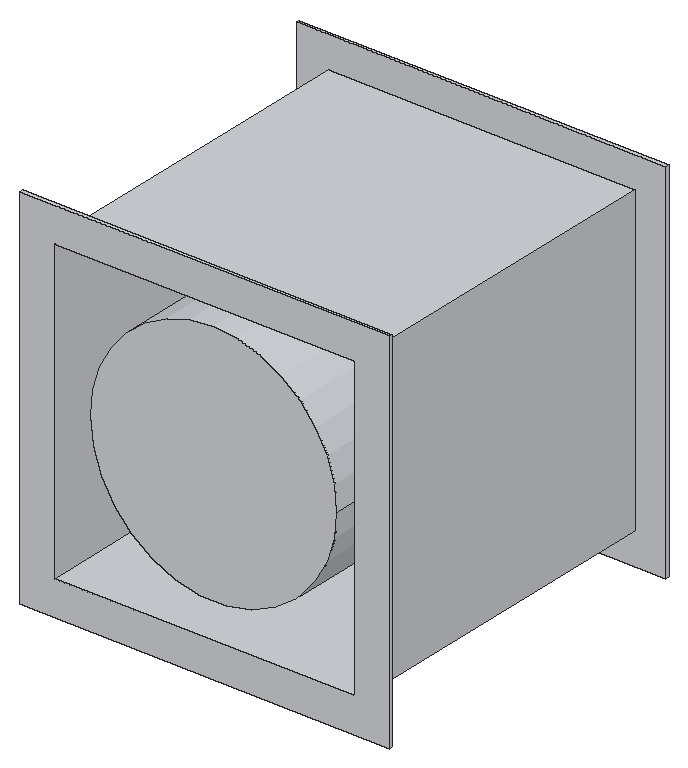
Revit family "SQI-D", category Mechanical Equipment, Revit 2019
Family settings
  Round Connector Dimension = Use Diameter
  Part Type = Normal
  Work Plane-Based = No
  Always vertical = Yes
  Cut with Voids When Loaded = No
  Shared = No
  Room Calculation Point = No
Parameters (values of type "80_SQI-D")
  Unit Weight [instance] = ""
  Sones [instance] = ""
  Motor RPM [instance] = ""
  Motor Enclosure [instance] = ""
  ModelID [instance] = ""
  MOTOR_DEPTH = -16"
  LwA [instance] = ""
  Fan RPM [instance] = ""
  E/2 = E / 2  # 7 5/32"
  E = 14 5/16"
  D/6 = D / 6  # 2.66667"
  D/3 = D / 3  # 5.33333"
  D/2 = D / 2  # 8"
  D = 16"
  C/2 = C / 2  # 7 9/16"
  C-.125" = C - 1/8"  # 15"
  C = 15 1/8"
  B/2 = B / 2  # 6 1/2"
  B = 13"
  Accessories [instance] = ""
  A/2 = A / 2  # 6 1/2"
  A+.25" = A + 1/4"  # 13 1/4"
  A = 13"
  3" = 3"  # constant formula
  Brake Hp [instance] = ""
  4" = 4"  # constant formula
  2' = 24"
  2" = 2"  # constant formula
  1" = 1"  # constant formula
  0 = 0"  # constant formula
  Voltage [instance] = 0 V
  URL = "www.lorencook.com"
  Type Comments = "Square Centrifugal High Pressure Inline Belt Drive"  # constant formula
  Static Pressure [instance] = 0.00 in-wg
  Power [instance] = Voltage * Motor FLA * sqrt(if(Phase = 3, 3, 1))  # 0 VA
  Phase [instance] = 0
  Number of Poles [instance] = 1
  Motor Hp [instance] = "0"
  Motor FLA [instance] = 0 A
  Model = "SQI-HP"  # constant formula
  Manufacturer = "Loren Cook Company"
  CFM [instance] = 0 CFM
  1.5 = 1 1/2"  # constant formula
  ONE EIGTH = 1/8"  # constant formula
  -C/2 = -C / 2  # -7 9/16"
  (A+.25")/2 = (A + 1/4") / 2  # 6 5/8"
Types (8): name | MOTOR_DEPTH | D/6 | D/3 | D/2 | D | C/2 | C-.125" | C | B/2 | B | A/2 | A+.25" | A | -C/2 | (A+.25")/2
  (no name) | -16" | 2.66667" | 5.33333" | 8" | 16" | 7 9/16" | 15" | 15 1/8" | 6 1/2" | 13" | 6 1/2" | 13 1/4" | 13" | -7 9/16" | 6 5/8"
  90_SQI-D | -16" | 2.91667" | 5.83333" | 8 3/4" | 17 1/2" | 8 13/32" | 16 11/16" | 16 13/16" | 7 3/16" | 14 3/8" | 7 7/32" | 14 11/16" | 14 7/16" | -8 13/32" | 7 11/32"
  120_SQI-D | -18" | 3.41667" | 6.83333" | 10 1/4" | 20 1/2" | 10 3/32" | 20 1/16" | 20 3/16" | 8 7/8" | 17 3/4" | 8 11/16" | 17 5/8" | 17 3/8" | -10 3/32" | 8 13/16"
  135_SQI-D | -18" | 3.77083" | 7.54167" | 11 5/16" | 22 5/8" | 11 11/32" | 22 9/16" | 22 11/16" | 10 1/8" | 20 1/4" | 9 3/4" | 19 3/4" | 19 1/2" | -11 11/32" | 9 7/8"
  150_SQI-D | -18" | 4 1/8" | 8 1/4" | 12 3/8" | 24 3/4" | 12 5/8" | 25 1/8" | 25 1/4" | 11 13/32" | 22 13/16" | 10 13/16" | 21 7/8" | 21 5/8" | -12 5/8" | 10 15/16"
  165_SQI-D | -20" | 4.48958" | 8.97917" | 13 15/32" | 26 15/16" | 13 7/8" | 27 5/8" | 27 3/4" | 12 21/32" | 25 5/16" | 11 29/32" | 24 1/16" | 23 13/16" | -13 7/8" | 12 1/32"
  70_SQI-D | -16" | 2 3/16" | 4 3/8" | 6 9/16" | 13 1/8" | 5 7/8" | 11 5/8" | 11 3/4" | 4 7/8" | 9 3/4" | 5 1/16" | 10 3/8" | 10 1/8" | -5 7/8" | 5 3/16"
  80_SQI-D | -16" | 2.66667" | 5.33333" | 8" | 16" | 7 9/16" | 15" | 15 1/8" | 6 1/2" | 13" | 6 1/2" | 13 1/4" | 13" | -7 9/16" | 6 5/8"
Reference planes (in)
  plane 1 "Center (Front/Back)": y = 0
  plane 2: z = 0
  plane 3 "Center (Left/Right)": x = 0.40541
Forms (in)
  Extrusion 1, solid
    sketch origin (0, 0, 0) x (1, 0, 0) y (0, 0, 1)
      loop
        line (-7.59459, 8) -> (-7.59459, -8) -> (8.40541, -8) -> (8.40541, 8) -> (-7.59459, 8)
    from 0 to 15.125 <- "C"
  Extrusion 2, void
    sketch origin (0, 0, 0) x (1, 0, 0) y (0, 0, 1)
      loop
        line (-7.59459, 8) -> (-7.59459, -8) -> (8.40541, -8) -> (8.40541, 8) -> (-7.59459, 8)
      loop
        line (7.03041, -6.625) -> (7.03041, 6.625) -> (-6.21959, 6.625) -> (-6.21959, -6.625) -> (7.03041, -6.625)
    from 0.125 to 15 <- "C-.125""
  Extrusion 3, void
    sketch origin (0, -15.125, 0) x (-1, 0, 0) y (0, 0, 1)
      loop
        line (6.09459, 6.5) -> (-6.90541, 6.5) -> (-6.90541, -6.5) -> (6.09459, -6.5) -> (6.09459, 6.5)
    from 0 to 7.5625 <- "C/2"
  Revolve 4, void
    sketch origin (0.40541, 0, 0) x (0, 1, 0) y (0, 0, 1)
      loop
        arc (-2.66667, -2.66667) -> (-0.78105, -3.44772) -> (0, -5.33333) r 2.66667
        line (0, -5.33333) -> (0, 0) -> (-2.66667, 0) -> (-2.66667, -2.66667)
      axis (-2.66667, 0) -> (0, 0)
    angle from 0 to 360
  Extrusion 5, solid
    sketch origin (0, -15.125, 0) x (1, 0, 0) y (0, 0, 1)
      loop
        circle (0.40541, 0) r 5.33333
    from -0.5 to -7.5625 <- "-C/2"
Cuts and joins
  Extrusion 2, Extrusion 3, Revolve 4 cuts Extrusion 1
Dimensions and locks (in)
  "D/2": Extrusion 1 sketch curve to plane 3 "Center (Left/Right)"
  "D/2": plane 3 "Center (Left/Right)" to Extrusion 1 sketch curve
  "D/2": Extrusion 1 sketch curve to level
  "D/2": level to Extrusion 1 sketch curve
  "D/2": plane 3 "Center (Left/Right)" to Extrusion 2 sketch curve
  "D/2": Extrusion 2 sketch curve to plane 3 "Center (Left/Right)"
  "(A+.25")/2": plane 3 "Center (Left/Right)" to Extrusion 2 sketch curve  (x2)
  "D/2": Extrusion 2 sketch curve to level
  "D/2": level to Extrusion 2 sketch curve
  "(A+.25")/2": level to Extrusion 2 sketch curve
  "(A+.25")/2": Extrusion 2 sketch curve to level
  "A/2": plane 3 "Center (Left/Right)" to Extrusion 3 sketch curve
  "A/2": Extrusion 3 sketch curve to plane 3 "Center (Left/Right)"
  "A/2": Extrusion 3 sketch curve to level
  "A/2": level to Extrusion 3 sketch curve
  "0": Revolve 4 sketch curve to level  (x2)
  "0": Revolve 4 sketch curve to cut or joined group of Extrusion 1, Extrusion 2, Extrusion 3, Revolve 4
  "D/6": Revolve 4 sketch curve to cut or joined group of Extrusion 1, Extrusion 2, Extrusion 3, Revolve 4
  "D/6": level to Revolve 4 sketch curve
  "0": Extrusion 5 sketch curve to plane 3 "Center (Left/Right)"
  "0": Extrusion 5 sketch curve to level
  "D/6": radius of Revolve 4 sketch curve
  "D/3": radius of Extrusion 5 sketch curve
Automatic sketch dimensions
  Revolve 4 sketch curve to plane 1 "Center (Front/Back)" = 18.77956"
  Revolve 4 sketch curve to Revolve 4 sketch curve = 12"
  Revolve 4 sketch curve to Revolve 4 sketch curve = 0"
Connectors (in)
  hvac at (0.40541, -15, 0), driven by "CFM", driven by "A", driven by "A"
    settings: on cut or joined group of Extrusion 1, Extrusion 2, Extrusion 3, Revolve 4, index 2, duct flow 0 CFM, flow factor 0, pres drop 0.00 in-wg, loss coef 0, conn angle 0.00°, conn width 13", conn height 13", conn diameter 24", duct sys type 29, conn prof type 1, flow config 0, flow direction 2, loss method 0, conn ref index -1, conn util no, is conn primary yes, conn desc ""
  hvac at (0.40541, 0, 0), driven by "CFM", driven by "A", driven by "A"
    settings: on cut or joined group of Extrusion 1, Extrusion 2, Extrusion 3, Revolve 4, index 3, duct flow 0 CFM, flow factor 0, pres drop 0.00 in-wg, loss coef 0, conn angle 0.00°, conn width 13", conn height 13", conn diameter 24", duct sys type 29, conn prof type 1, flow config 0, flow direction 1, loss method 0, conn ref index -1, conn util no, is conn primary no, conn desc ""
  electrical at (6.90541, -11.34375, 0)
    settings: on cut or joined group of Extrusion 1, Extrusion 2, Extrusion 3, Revolve 4, index 4, voltage 0 V, apparent load 0 VA, apparent load phase1 0 VA, apparent load phase2 0 VA, apparent load phase3 0 VA, power factor 1, load classification "Other", number of poles 1, system type 30, power factor state 1, is connector primary yes, connector utility no, sub classification motor no, connector description ""
